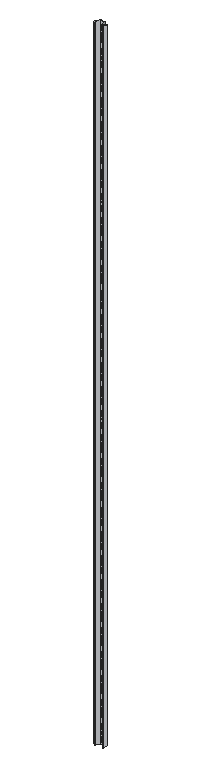
Revit family "TP-Profil-FS", category Generic Models, Revit 2017
Family settings
  Can host rebar = No
  Round Connector Dimension = Use Diameter
  Part Type = Normal
  Work Plane-Based = No
  Always vertical = Yes
  Cut with Voids When Loaded = No
  Shared = No
  Room Calculation Point = No
Parameters (values of type "TPSG 3000 FT")
  URL = "http://www.obo-bettermann.com"
  Material = Hot-dip galvanised
  Manufacturer Art.No. = "6366093"
  Manufacturer = "OBO BETTERMANN"
  Length = 2900 mm
  GTIN = "4012195424925"
  Cut's space 2 = 50 mm
  Cut's space = 100 mm
  Cut's number 3 = Length / Cut's space 2  # 58
  Cut's number 2 = 2
  Cut's number = Length / Cut's space  # 29
  Article Type = "TPSG 3000 FT"
Reference planes
  plane 1 "Center (Front/Back)": y = 0
  plane 2: z = 0
  plane 3 "Center (Left/Right)": x = 0
  plane 4: x = -10.042
  plane 5: x = 9.958
  plane 6: x = 23.489
  plane 7: y = 10
  plane 8: x = -26.833
  plane 9: z = 3000
  plane 10: z = 47
  plane 11: z = 5
  plane 12: x = 20
  plane 13: x = -20
  plane 14: x = 25
  plane 15: x = -25
  plane 16: z = 31
  plane 17: z = 61.952
  plane 18: x = -4.5
  plane 19: x = 4.5
  plane 20: z = 111.952
  plane 21: x = -4.5
  plane 22: x = 4.5
  plane 23: z = 161.952
  plane 24: x = -4.5
  plane 25: x = 4.5
  plane 26: z = 211.952
  plane 27: x = -4.5
  plane 28: x = 4.5
  plane 29: z = 261.952
  plane 30: x = -4.5
  plane 31: x = 4.5
  plane 32: z = 311.952
  plane 33: x = -4.5
  plane 34: x = 4.5
  plane 35: z = 361.952
  plane 36: x = -4.5
  plane 37: x = 4.5
  plane 38: z = 411.952
  plane 39: x = -4.5
  plane 40: x = 4.5
  plane 41: z = 461.952
  plane 42: x = -4.5
  plane 43: x = 4.5
  plane 44: z = 511.952
  plane 45: x = -4.5
  plane 46: x = 4.5
  plane 47: z = 561.952
  plane 48: x = -4.5
  plane 49: x = 4.5
  plane 50: z = 611.952
  plane 51: x = -4.5
  plane 52: x = 4.5
  plane 53: z = 661.952
  plane 54: x = -4.5
  plane 55: x = 4.5
  plane 56: z = 711.952
  plane 57: x = -4.5
  plane 58: x = 4.5
  plane 59: z = 761.952
  plane 60: x = -4.5
  plane 61: x = 4.5
  plane 62: z = 811.952
  plane 63: x = -4.5
  plane 64: x = 4.5
  plane 65: z = 861.952
  plane 66: x = -4.5
  plane 67: x = 4.5
  plane 68: z = 911.952
  plane 69: x = -4.5
  plane 70: x = 4.5
  plane 71: z = 961.952
  plane 72: x = -4.5
  plane 73: x = 4.5
  plane 74: z = 1011.952
  plane 75: x = -4.5
  plane 76: x = 4.5
  plane 77: z = 1061.952
  plane 78: x = -4.5
  plane 79: x = 4.5
  plane 80: z = 1111.952
  plane 81: x = -4.5
  plane 82: x = 4.5
  plane 83: z = 1161.952
  plane 84: x = -4.5
  plane 85: x = 4.5
  plane 86: z = 1211.952
  plane 87: x = -4.5
  plane 88: x = 4.5
  plane 89: z = 1261.952
  plane 90: x = -4.5
  plane 91: x = 4.5
  plane 92: z = 1311.952
  plane 93: x = -4.5
  plane 94: x = 4.5
  plane 95: z = 1361.952
  plane 96: x = -4.5
  plane 97: x = 4.5
  plane 98: z = 1411.952
  plane 99: x = -4.5
  plane 100: x = 4.5
  plane 101: z = 1461.952
  plane 102: x = -4.5
  plane 103: x = 4.5
  plane 104: z = 1511.952
  plane 105: x = -4.5
  plane 106: x = 4.5
  plane 107: z = 1561.952
  plane 108: x = -4.5
  plane 109: x = 4.5
  plane 110: z = 1611.952
  plane 111: x = -4.5
  plane 112: x = 4.5
  plane 113: z = 1661.952
  plane 114: x = -4.5
  plane 115: x = 4.5
  plane 116: z = 1711.952
  plane 117: x = -4.5
  plane 118: x = 4.5
  plane 119: z = 1761.952
  plane 120: x = -4.5
  plane 121: x = 4.5
  plane 122: z = 1811.952
  plane 123: x = -4.5
  plane 124: x = 4.5
  plane 125: z = 1861.952
  plane 126: x = -4.5
  plane 127: x = 4.5
  plane 128: z = 1911.952
  plane 129: x = -4.5
  plane 130: x = 4.5
  plane 131: z = 1961.952
  plane 132: x = -4.5
  plane 133: x = 4.5
  plane 134: z = 2011.952
  plane 135: x = -4.5
  plane 136: x = 4.5
  plane 137: z = 2061.952
  plane 138: x = -4.5
  plane 139: x = 4.5
  plane 140: z = 2111.952
  plane 141: x = -4.5
  plane 142: x = 4.5
  plane 143: z = 2161.952
  plane 144: x = -4.5
  plane 145: x = 4.5
  plane 146: z = 2211.952
  plane 147: x = -4.5
  plane 148: x = 4.5
  plane 149: z = 2261.952
  plane 150: x = -4.5
  plane 151: x = 4.5
  plane 152: z = 2311.952
  plane 153: x = -4.5
  plane 154: x = 4.5
  plane 155: z = 2361.952
  plane 156: x = -4.5
  plane 157: x = 4.5
  plane 158: z = 2411.952
  plane 159: x = -4.5
  plane 160: x = 4.5
  plane 161: z = 2461.952
  plane 162: x = -4.5
  plane 163: x = 4.5
  plane 164: z = 2511.952
  plane 165: x = -4.5
  plane 166: x = 4.5
  plane 167: z = 2561.952
  plane 168: x = -4.5
  plane 169: x = 4.5
  plane 170: z = 2611.952
  plane 171: x = -4.5
  plane 172: x = 4.5
  plane 173: z = 2661.952
  plane 174: x = -4.5
  plane 175: x = 4.5
  plane 176: z = 2711.952
  plane 177: x = -4.5
  plane 178: x = 4.5
  plane 179: z = 2761.952
  plane 180: x = -4.5
  plane 181: x = 4.5
  plane 182: z = 2811.952
  plane 183: x = -4.5
  plane 184: x = 4.5
  plane 185: z = 2861.952
  plane 186: x = -4.5
  plane 187: x = 4.5
  plane 188: z = 2911.952
  plane 189: x = -4.5
  plane 190: x = 4.5
  plane 191: z = 2961.952
  plane 192: x = -4.5
  plane 193: x = 4.5
  plane 194: z = 11.952
  plane 195: x = -4.5
  plane 196: x = 4.5
  plane 197: x = 0.033
  plane 198: x = -19.967
  plane 199: x = 20.033
  plane 200: z = 2995
  plane 201: z = 2995
  plane 202: x = 25.033
  plane 203: x = -24.967
  plane 204: x = 25.033
  plane 205: x = -24.967
Forms (mm)
  Extrusion 1, solid
    sketch origin (0, 0, 0) x (1, 0, 0) y (0, 1, 0)
      loop
        line (-16.508, 0) -> (-9.967, 17.97) -> (9.917, 17.97) -> (16.558, -0.276) -> (23.441, -0.276) -> (27.181, 10) -> (25.302, 10.684) -> (22.041, 1.724) -> (17.958, 1.724) -> (11.317, 19.97) -> (-11.368, 19.97) -> (-17.908, 2) -> (-21.793, 2) -> (-24.954, 10.684) -> (-26.833, 10) -> (-23.194, 0) -> (-16.508, 0)
    from 0 to 3000
  Extrusion 2, void
    sketch origin (0, 0, 100) x (1, 0, 0) y (0, 0, 1)
      loop
        circle (0, 47) r 4.506
    from -17.97 to -19.97
  Extrusion 3, void
    sketch origin (0, 0, 0) x (1, 0, 0) y (0, 0, 1)
      loop
        circle (0, 47) r 4.506
    from -17.97 to -19.97
  Extrusion 4, void
    sketch origin (0, 0, 200) x (1, 0, 0) y (0, 0, 1)
      loop
        circle (0, 47) r 4.506
    from -17.97 to -19.97
  Extrusion 5, void
    sketch origin (0, 0, 300) x (1, 0, 0) y (0, 0, 1)
      loop
        circle (0, 47) r 4.506
    from -17.97 to -19.97
  Extrusion 6, void
    sketch origin (0, 0, 400) x (1, 0, 0) y (0, 0, 1)
      loop
        circle (0, 47) r 4.506
    from -17.97 to -19.97
  Extrusion 7, void
    sketch origin (0, 0, 500) x (1, 0, 0) y (0, 0, 1)
      loop
        circle (0, 47) r 4.506
    from -17.97 to -19.97
  Extrusion 8, void
    sketch origin (0, 0, 601.525) x (1, 0, 0) y (0, 0, 1)
      loop
        circle (0, 47) r 4.506
    from -17.97 to -19.97
  Extrusion 9, void
    sketch origin (0, 0, 701.525) x (1, 0, 0) y (0, 0, 1)
      loop
        circle (0, 47) r 4.506
    from -17.97 to -19.97
  Extrusion 10, void
    sketch origin (0, 0, 801.525) x (1, 0, 0) y (0, 0, 1)
      loop
        circle (0, 47) r 4.506
    from -17.97 to -19.97
  Extrusion 11, void
    sketch origin (0, 0, 901.525) x (1, 0, 0) y (0, 0, 1)
      loop
        circle (0, 47) r 4.506
    from -17.97 to -19.97
  Extrusion 12, void
    sketch origin (0, 0, 1001.525) x (1, 0, 0) y (0, 0, 1)
      loop
        circle (0, 47) r 4.506
    from -17.97 to -19.97
  Extrusion 13, void
    sketch origin (0, 0, 1101.525) x (1, 0, 0) y (0, 0, 1)
      loop
        circle (0, 47) r 4.506
    from -17.97 to -19.97
  Extrusion 14, void
    sketch origin (0, 0, 1201.525) x (1, 0, 0) y (0, 0, 1)
      loop
        circle (0, 47) r 4.506
    from -17.97 to -19.97
  Extrusion 15, void
    sketch origin (0, 0, 1301.525) x (1, 0, 0) y (0, 0, 1)
      loop
        circle (0, 47) r 4.506
    from -17.97 to -19.97
  Extrusion 16, void
    sketch origin (0, 0, 1401.525) x (1, 0, 0) y (0, 0, 1)
      loop
        circle (0, 47) r 4.506
    from -17.97 to -19.97
  Extrusion 17, void
    sketch origin (0, 0, 1501.525) x (1, 0, 0) y (0, 0, 1)
      loop
        circle (0, 47) r 4.506
    from -17.97 to -19.97
  Extrusion 18, void
    sketch origin (0, 0, 1601.525) x (1, 0, 0) y (0, 0, 1)
      loop
        circle (0, 47) r 4.506
    from -17.97 to -19.97
  Extrusion 19, void
    sketch origin (0, 0, 1701.525) x (1, 0, 0) y (0, 0, 1)
      loop
        circle (0, 47) r 4.506
    from -17.97 to -19.97
  Extrusion 20, void
    sketch origin (0, 0, 1801.525) x (1, 0, 0) y (0, 0, 1)
      loop
        circle (0, 47) r 4.506
    from -17.97 to -19.97
  Extrusion 21, void
    sketch origin (0, 0, 1901.525) x (1, 0, 0) y (0, 0, 1)
      loop
        circle (0, 47) r 4.506
    from -17.97 to -19.97
  Extrusion 22, void
    sketch origin (0, 0, 2001.525) x (1, 0, 0) y (0, 0, 1)
      loop
        circle (0, 47) r 4.506
    from -17.97 to -19.97
  Extrusion 23, void
    sketch origin (0, 0, 2101.525) x (1, 0, 0) y (0, 0, 1)
      loop
        circle (0, 47) r 4.506
    from -17.97 to -19.97
  Extrusion 24, void
    sketch origin (0, 0, 2201.525) x (1, 0, 0) y (0, 0, 1)
      loop
        circle (0, 47) r 4.506
    from -17.97 to -19.97
  Extrusion 25, void
    sketch origin (0, 0, 2301.525) x (1, 0, 0) y (0, 0, 1)
      loop
        circle (0, 47) r 4.506
    from -17.97 to -19.97
  Extrusion 26, void
    sketch origin (0, 0, 2401.525) x (1, 0, 0) y (0, 0, 1)
      loop
        circle (0, 47) r 4.506
    from -17.97 to -19.97
  Extrusion 27, void
    sketch origin (0, 0, 2501.525) x (1, 0, 0) y (0, 0, 1)
      loop
        circle (0, 47) r 4.506
    from -17.97 to -19.97
  Extrusion 28, void
    sketch origin (0, 0, 2601.525) x (1, 0, 0) y (0, 0, 1)
      loop
        circle (0, 47) r 4.506
    from -17.97 to -19.97
  Extrusion 29, void
    sketch origin (0, 0, 2701.525) x (1, 0, 0) y (0, 0, 1)
      loop
        circle (0, 47) r 4.506
    from -17.97 to -19.97
  Extrusion 30, void
    sketch origin (0, 0, 2801.525) x (1, 0, 0) y (0, 0, 1)
      loop
        circle (0, 47) r 4.506
    from -17.97 to -19.97
  Extrusion 31, void
    sketch origin (0, 0, 2901.525) x (1, 0, 0) y (0, 0, 1)
      loop
        circle (0, 47) r 4.506
    from -17.97 to -19.97
  Extrusion 32, void
    sketch origin (0, 0, 50) x (1, 0, 0) y (0, 0, 1)
      loop
        line (-4.5, 31) -> (-3.112, 15.134)
        arc (-3.112, 15.134) -> (0, 12.022) -> (3.112, 15.134) r 3.112
        line (3.112, 15.134) -> (4.5, 31) -> (-4.5, 31)
    from -19.97 to -17.97
  Extrusion 33, void
    sketch origin (0, 0, 100) x (1, 0, 0) y (0, 0, 1)
      loop
        line (-4.5, 31) -> (-3.112, 15.134)
        arc (-3.112, 15.134) -> (0, 12.022) -> (3.112, 15.134) r 3.112
        line (3.112, 15.134) -> (4.5, 31) -> (-4.5, 31)
    from -19.97 to -17.97
  Extrusion 34, void
    sketch origin (0, 0, 150) x (1, 0, 0) y (0, 0, 1)
      loop
        line (-4.5, 31) -> (-3.112, 15.134)
        arc (-3.112, 15.134) -> (0, 12.022) -> (3.112, 15.134) r 3.112
        line (3.112, 15.134) -> (4.5, 31) -> (-4.5, 31)
    from -19.97 to -17.97
  Extrusion 35, void
    sketch origin (0, 0, 200) x (1, 0, 0) y (0, 0, 1)
      loop
        line (-4.5, 31) -> (-3.112, 15.134)
        arc (-3.112, 15.134) -> (0, 12.022) -> (3.112, 15.134) r 3.112
        line (3.112, 15.134) -> (4.5, 31) -> (-4.5, 31)
    from -19.97 to -17.97
  Extrusion 36, void
    sketch origin (0, 0, 250) x (1, 0, 0) y (0, 0, 1)
      loop
        line (-4.5, 31) -> (-3.112, 15.134)
        arc (-3.112, 15.134) -> (0, 12.022) -> (3.112, 15.134) r 3.112
        line (3.112, 15.134) -> (4.5, 31) -> (-4.5, 31)
    from -19.97 to -17.97
  Extrusion 37, void
    sketch origin (0, 0, 300) x (1, 0, 0) y (0, 0, 1)
      loop
        line (-4.5, 31) -> (-3.112, 15.134)
        arc (-3.112, 15.134) -> (0, 12.022) -> (3.112, 15.134) r 3.112
        line (3.112, 15.134) -> (4.5, 31) -> (-4.5, 31)
    from -19.97 to -17.97
  Extrusion 38, void
    sketch origin (0, 0, 350) x (1, 0, 0) y (0, 0, 1)
      loop
        line (-4.5, 31) -> (-3.112, 15.134)
        arc (-3.112, 15.134) -> (0, 12.022) -> (3.112, 15.134) r 3.112
        line (3.112, 15.134) -> (4.5, 31) -> (-4.5, 31)
    from -19.97 to -17.97
  Extrusion 39, void
    sketch origin (0, 0, 400) x (1, 0, 0) y (0, 0, 1)
      loop
        line (-4.5, 31) -> (-3.112, 15.134)
        arc (-3.112, 15.134) -> (0, 12.022) -> (3.112, 15.134) r 3.112
        line (3.112, 15.134) -> (4.5, 31) -> (-4.5, 31)
    from -19.97 to -17.97
  Extrusion 40, void
    sketch origin (0, 0, 450) x (1, 0, 0) y (0, 0, 1)
      loop
        line (-4.5, 31) -> (-3.112, 15.134)
        arc (-3.112, 15.134) -> (0, 12.022) -> (3.112, 15.134) r 3.112
        line (3.112, 15.134) -> (4.5, 31) -> (-4.5, 31)
    from -19.97 to -17.97
  Extrusion 41, void
    sketch origin (0, 0, 500) x (1, 0, 0) y (0, 0, 1)
      loop
        line (-4.5, 31) -> (-3.112, 15.134)
        arc (-3.112, 15.134) -> (0, 12.022) -> (3.112, 15.134) r 3.112
        line (3.112, 15.134) -> (4.5, 31) -> (-4.5, 31)
    from -19.97 to -17.97
  Extrusion 42, void
    sketch origin (0, 0, 550) x (1, 0, 0) y (0, 0, 1)
      loop
        line (-4.5, 31) -> (-3.112, 15.134)
        arc (-3.112, 15.134) -> (0, 12.022) -> (3.112, 15.134) r 3.112
        line (3.112, 15.134) -> (4.5, 31) -> (-4.5, 31)
    from -19.97 to -17.97
  Extrusion 43, void
    sketch origin (0, 0, 600) x (1, 0, 0) y (0, 0, 1)
      loop
        line (-4.5, 31) -> (-3.112, 15.134)
        arc (-3.112, 15.134) -> (0, 12.022) -> (3.112, 15.134) r 3.112
        line (3.112, 15.134) -> (4.5, 31) -> (-4.5, 31)
    from -19.97 to -17.97
  Extrusion 44, void
    sketch origin (0, 0, 650) x (1, 0, 0) y (0, 0, 1)
      loop
        line (-4.5, 31) -> (-3.112, 15.134)
        arc (-3.112, 15.134) -> (0, 12.022) -> (3.112, 15.134) r 3.112
        line (3.112, 15.134) -> (4.5, 31) -> (-4.5, 31)
    from -19.97 to -17.97
  Extrusion 45, void
    sketch origin (0, 0, 700) x (1, 0, 0) y (0, 0, 1)
      loop
        line (-4.5, 31) -> (-3.112, 15.134)
        arc (-3.112, 15.134) -> (0, 12.022) -> (3.112, 15.134) r 3.112
        line (3.112, 15.134) -> (4.5, 31) -> (-4.5, 31)
    from -19.97 to -17.97
  Extrusion 46, void
    sketch origin (0, 0, 750) x (1, 0, 0) y (0, 0, 1)
      loop
        line (-4.5, 31) -> (-3.112, 15.134)
        arc (-3.112, 15.134) -> (0, 12.022) -> (3.112, 15.134) r 3.112
        line (3.112, 15.134) -> (4.5, 31) -> (-4.5, 31)
    from -19.97 to -17.97
  Extrusion 47, void
    sketch origin (0, 0, 800) x (1, 0, 0) y (0, 0, 1)
      loop
        line (-4.5, 31) -> (-3.112, 15.134)
        arc (-3.112, 15.134) -> (0, 12.022) -> (3.112, 15.134) r 3.112
        line (3.112, 15.134) -> (4.5, 31) -> (-4.5, 31)
    from -19.97 to -17.97
  Extrusion 48, void
    sketch origin (0, 0, 850) x (1, 0, 0) y (0, 0, 1)
      loop
        line (-4.5, 31) -> (-3.112, 15.134)
        arc (-3.112, 15.134) -> (0, 12.022) -> (3.112, 15.134) r 3.112
        line (3.112, 15.134) -> (4.5, 31) -> (-4.5, 31)
    from -19.97 to -17.97
  Extrusion 49, void
    sketch origin (0, 0, 900) x (1, 0, 0) y (0, 0, 1)
      loop
        line (-4.5, 31) -> (-3.112, 15.134)
        arc (-3.112, 15.134) -> (0, 12.022) -> (3.112, 15.134) r 3.112
        line (3.112, 15.134) -> (4.5, 31) -> (-4.5, 31)
    from -19.97 to -17.97
  Extrusion 50, void
    sketch origin (0, 0, 950) x (1, 0, 0) y (0, 0, 1)
      loop
        line (-4.5, 31) -> (-3.112, 15.134)
        arc (-3.112, 15.134) -> (0, 12.022) -> (3.112, 15.134) r 3.112
        line (3.112, 15.134) -> (4.5, 31) -> (-4.5, 31)
    from -19.97 to -17.97
  Extrusion 51, void
    sketch origin (0, 0, 1000) x (1, 0, 0) y (0, 0, 1)
      loop
        line (-4.5, 31) -> (-3.112, 15.134)
        arc (-3.112, 15.134) -> (0, 12.022) -> (3.112, 15.134) r 3.112
        line (3.112, 15.134) -> (4.5, 31) -> (-4.5, 31)
    from -19.97 to -17.97
  Extrusion 52, void
    sketch origin (0, 0, 1050) x (1, 0, 0) y (0, 0, 1)
      loop
        line (-4.5, 31) -> (-3.112, 15.134)
        arc (-3.112, 15.134) -> (0, 12.022) -> (3.112, 15.134) r 3.112
        line (3.112, 15.134) -> (4.5, 31) -> (-4.5, 31)
    from -19.97 to -17.97
  Extrusion 53, void
    sketch origin (0, 0, 1100) x (1, 0, 0) y (0, 0, 1)
      loop
        line (-4.5, 31) -> (-3.112, 15.134)
        arc (-3.112, 15.134) -> (0, 12.022) -> (3.112, 15.134) r 3.112
        line (3.112, 15.134) -> (4.5, 31) -> (-4.5, 31)
    from -19.97 to -17.97
  Extrusion 54, void
    sketch origin (0, 0, 1150) x (1, 0, 0) y (0, 0, 1)
      loop
        line (-4.5, 31) -> (-3.112, 15.134)
        arc (-3.112, 15.134) -> (0, 12.022) -> (3.112, 15.134) r 3.112
        line (3.112, 15.134) -> (4.5, 31) -> (-4.5, 31)
    from -19.97 to -17.97
  Extrusion 55, void
    sketch origin (0, 0, 1200) x (1, 0, 0) y (0, 0, 1)
      loop
        line (-4.5, 31) -> (-3.112, 15.134)
        arc (-3.112, 15.134) -> (0, 12.022) -> (3.112, 15.134) r 3.112
        line (3.112, 15.134) -> (4.5, 31) -> (-4.5, 31)
    from -19.97 to -17.97
  Extrusion 56, void
    sketch origin (0, 0, 1250) x (1, 0, 0) y (0, 0, 1)
      loop
        line (-4.5, 31) -> (-3.112, 15.134)
        arc (-3.112, 15.134) -> (0, 12.022) -> (3.112, 15.134) r 3.112
        line (3.112, 15.134) -> (4.5, 31) -> (-4.5, 31)
    from -19.97 to -17.97
  Extrusion 57, void
    sketch origin (0, 0, 1300) x (1, 0, 0) y (0, 0, 1)
      loop
        line (-4.5, 31) -> (-3.112, 15.134)
        arc (-3.112, 15.134) -> (0, 12.022) -> (3.112, 15.134) r 3.112
        line (3.112, 15.134) -> (4.5, 31) -> (-4.5, 31)
    from -19.97 to -17.97
  Extrusion 58, void
    sketch origin (0, 0, 1350) x (1, 0, 0) y (0, 0, 1)
      loop
        line (-4.5, 31) -> (-3.112, 15.134)
        arc (-3.112, 15.134) -> (0, 12.022) -> (3.112, 15.134) r 3.112
        line (3.112, 15.134) -> (4.5, 31) -> (-4.5, 31)
    from -19.97 to -17.97
  Extrusion 59, void
    sketch origin (0, 0, 1400) x (1, 0, 0) y (0, 0, 1)
      loop
        line (-4.5, 31) -> (-3.112, 15.134)
        arc (-3.112, 15.134) -> (0, 12.022) -> (3.112, 15.134) r 3.112
        line (3.112, 15.134) -> (4.5, 31) -> (-4.5, 31)
    from -19.97 to -17.97
  Extrusion 60, void
    sketch origin (0, 0, 1450) x (1, 0, 0) y (0, 0, 1)
      loop
        line (-4.5, 31) -> (-3.112, 15.134)
        arc (-3.112, 15.134) -> (0, 12.022) -> (3.112, 15.134) r 3.112
        line (3.112, 15.134) -> (4.5, 31) -> (-4.5, 31)
    from -19.97 to -17.97
  Extrusion 61, void
    sketch origin (0, 0, 1500) x (1, 0, 0) y (0, 0, 1)
      loop
        line (-4.5, 31) -> (-3.112, 15.134)
        arc (-3.112, 15.134) -> (0, 12.022) -> (3.112, 15.134) r 3.112
        line (3.112, 15.134) -> (4.5, 31) -> (-4.5, 31)
    from -19.97 to -17.97
  Extrusion 62, void
    sketch origin (0, 0, 1550) x (1, 0, 0) y (0, 0, 1)
      loop
        line (-4.5, 31) -> (-3.112, 15.134)
        arc (-3.112, 15.134) -> (0, 12.022) -> (3.112, 15.134) r 3.112
        line (3.112, 15.134) -> (4.5, 31) -> (-4.5, 31)
    from -19.97 to -17.97
  Extrusion 63, void
    sketch origin (0, 0, 1600) x (1, 0, 0) y (0, 0, 1)
      loop
        line (-4.5, 31) -> (-3.112, 15.134)
        arc (-3.112, 15.134) -> (0, 12.022) -> (3.112, 15.134) r 3.112
        line (3.112, 15.134) -> (4.5, 31) -> (-4.5, 31)
    from -19.97 to -17.97
  Extrusion 64, void
    sketch origin (0, 0, 1650) x (1, 0, 0) y (0, 0, 1)
      loop
        line (-4.5, 31) -> (-3.112, 15.134)
        arc (-3.112, 15.134) -> (0, 12.022) -> (3.112, 15.134) r 3.112
        line (3.112, 15.134) -> (4.5, 31) -> (-4.5, 31)
    from -19.97 to -17.97
  Extrusion 65, void
    sketch origin (0, 0, 1700) x (1, 0, 0) y (0, 0, 1)
      loop
        line (-4.5, 31) -> (-3.112, 15.134)
        arc (-3.112, 15.134) -> (0, 12.022) -> (3.112, 15.134) r 3.112
        line (3.112, 15.134) -> (4.5, 31) -> (-4.5, 31)
    from -19.97 to -17.97
  Extrusion 66, void
    sketch origin (0, 0, 1750) x (1, 0, 0) y (0, 0, 1)
      loop
        line (-4.5, 31) -> (-3.112, 15.134)
        arc (-3.112, 15.134) -> (0, 12.022) -> (3.112, 15.134) r 3.112
        line (3.112, 15.134) -> (4.5, 31) -> (-4.5, 31)
    from -19.97 to -17.97
  Extrusion 67, void
    sketch origin (0, 0, 1800) x (1, 0, 0) y (0, 0, 1)
      loop
        line (-4.5, 31) -> (-3.112, 15.134)
        arc (-3.112, 15.134) -> (0, 12.022) -> (3.112, 15.134) r 3.112
        line (3.112, 15.134) -> (4.5, 31) -> (-4.5, 31)
    from -19.97 to -17.97
  Extrusion 68, void
    sketch origin (0, 0, 1850) x (1, 0, 0) y (0, 0, 1)
      loop
        line (-4.5, 31) -> (-3.112, 15.134)
        arc (-3.112, 15.134) -> (0, 12.022) -> (3.112, 15.134) r 3.112
        line (3.112, 15.134) -> (4.5, 31) -> (-4.5, 31)
    from -19.97 to -17.97
  Extrusion 69, void
    sketch origin (0, 0, 1900) x (1, 0, 0) y (0, 0, 1)
      loop
        line (-4.5, 31) -> (-3.112, 15.134)
        arc (-3.112, 15.134) -> (0, 12.022) -> (3.112, 15.134) r 3.112
        line (3.112, 15.134) -> (4.5, 31) -> (-4.5, 31)
    from -19.97 to -17.97
  Extrusion 70, void
    sketch origin (0, 0, 1950) x (1, 0, 0) y (0, 0, 1)
      loop
        line (-4.5, 31) -> (-3.112, 15.134)
        arc (-3.112, 15.134) -> (0, 12.022) -> (3.112, 15.134) r 3.112
        line (3.112, 15.134) -> (4.5, 31) -> (-4.5, 31)
    from -19.97 to -17.97
  Extrusion 71, void
    sketch origin (0, 0, 2000) x (1, 0, 0) y (0, 0, 1)
      loop
        line (-4.5, 31) -> (-3.112, 15.134)
        arc (-3.112, 15.134) -> (0, 12.022) -> (3.112, 15.134) r 3.112
        line (3.112, 15.134) -> (4.5, 31) -> (-4.5, 31)
    from -19.97 to -17.97
  Extrusion 72, void
    sketch origin (0, 0, 2050) x (1, 0, 0) y (0, 0, 1)
      loop
        line (-4.5, 31) -> (-3.112, 15.134)
        arc (-3.112, 15.134) -> (0, 12.022) -> (3.112, 15.134) r 3.112
        line (3.112, 15.134) -> (4.5, 31) -> (-4.5, 31)
    from -19.97 to -17.97
  Extrusion 73, void
    sketch origin (0, 0, 2100) x (1, 0, 0) y (0, 0, 1)
      loop
        line (-4.5, 31) -> (-3.112, 15.134)
        arc (-3.112, 15.134) -> (0, 12.022) -> (3.112, 15.134) r 3.112
        line (3.112, 15.134) -> (4.5, 31) -> (-4.5, 31)
    from -19.97 to -17.97
  Extrusion 74, void
    sketch origin (0, 0, 2150) x (1, 0, 0) y (0, 0, 1)
      loop
        line (-4.5, 31) -> (-3.112, 15.134)
        arc (-3.112, 15.134) -> (0, 12.022) -> (3.112, 15.134) r 3.112
        line (3.112, 15.134) -> (4.5, 31) -> (-4.5, 31)
    from -19.97 to -17.97
  Extrusion 75, void
    sketch origin (0, 0, 2200) x (1, 0, 0) y (0, 0, 1)
      loop
        line (-4.5, 31) -> (-3.112, 15.134)
        arc (-3.112, 15.134) -> (0, 12.022) -> (3.112, 15.134) r 3.112
        line (3.112, 15.134) -> (4.5, 31) -> (-4.5, 31)
    from -19.97 to -17.97
  Extrusion 76, void
    sketch origin (0, 0, 2250) x (1, 0, 0) y (0, 0, 1)
      loop
        line (-4.5, 31) -> (-3.112, 15.134)
        arc (-3.112, 15.134) -> (0, 12.022) -> (3.112, 15.134) r 3.112
        line (3.112, 15.134) -> (4.5, 31) -> (-4.5, 31)
    from -19.97 to -17.97
  Extrusion 77, void
    sketch origin (0, 0, 2300) x (1, 0, 0) y (0, 0, 1)
      loop
        line (-4.5, 31) -> (-3.112, 15.134)
        arc (-3.112, 15.134) -> (0, 12.022) -> (3.112, 15.134) r 3.112
        line (3.112, 15.134) -> (4.5, 31) -> (-4.5, 31)
    from -19.97 to -17.97
  Extrusion 78, void
    sketch origin (0, 0, 2350) x (1, 0, 0) y (0, 0, 1)
      loop
        line (-4.5, 31) -> (-3.112, 15.134)
        arc (-3.112, 15.134) -> (0, 12.022) -> (3.112, 15.134) r 3.112
        line (3.112, 15.134) -> (4.5, 31) -> (-4.5, 31)
    from -19.97 to -17.97
  Extrusion 79, void
    sketch origin (0, 0, 2400) x (1, 0, 0) y (0, 0, 1)
      loop
        line (-4.5, 31) -> (-3.112, 15.134)
        arc (-3.112, 15.134) -> (0, 12.022) -> (3.112, 15.134) r 3.112
        line (3.112, 15.134) -> (4.5, 31) -> (-4.5, 31)
    from -19.97 to -17.97
  Extrusion 80, void
    sketch origin (0, 0, 2450) x (1, 0, 0) y (0, 0, 1)
      loop
        line (-4.5, 31) -> (-3.112, 15.134)
        arc (-3.112, 15.134) -> (0, 12.022) -> (3.112, 15.134) r 3.112
        line (3.112, 15.134) -> (4.5, 31) -> (-4.5, 31)
    from -19.97 to -17.97
  Extrusion 81, void
    sketch origin (0, 0, 2500) x (1, 0, 0) y (0, 0, 1)
      loop
        line (-4.5, 31) -> (-3.112, 15.134)
        arc (-3.112, 15.134) -> (0, 12.022) -> (3.112, 15.134) r 3.112
        line (3.112, 15.134) -> (4.5, 31) -> (-4.5, 31)
    from -19.97 to -17.97
  Extrusion 82, void
    sketch origin (0, 0, 2550) x (1, 0, 0) y (0, 0, 1)
      loop
        line (-4.5, 31) -> (-3.112, 15.134)
        arc (-3.112, 15.134) -> (0, 12.022) -> (3.112, 15.134) r 3.112
        line (3.112, 15.134) -> (4.5, 31) -> (-4.5, 31)
    from -19.97 to -17.97
  Extrusion 83, void
    sketch origin (0, 0, 2600) x (1, 0, 0) y (0, 0, 1)
      loop
        line (-4.5, 31) -> (-3.112, 15.134)
        arc (-3.112, 15.134) -> (0, 12.022) -> (3.112, 15.134) r 3.112
        line (3.112, 15.134) -> (4.5, 31) -> (-4.5, 31)
    from -19.97 to -17.97
  Extrusion 84, void
    sketch origin (0, 0, 2650) x (1, 0, 0) y (0, 0, 1)
      loop
        line (-4.5, 31) -> (-3.112, 15.134)
        arc (-3.112, 15.134) -> (0, 12.022) -> (3.112, 15.134) r 3.112
        line (3.112, 15.134) -> (4.5, 31) -> (-4.5, 31)
    from -19.97 to -17.97
  Extrusion 85, void
    sketch origin (0, 0, 2700) x (1, 0, 0) y (0, 0, 1)
      loop
        line (-4.5, 31) -> (-3.112, 15.134)
        arc (-3.112, 15.134) -> (0, 12.022) -> (3.112, 15.134) r 3.112
        line (3.112, 15.134) -> (4.5, 31) -> (-4.5, 31)
    from -19.97 to -17.97
  Extrusion 86, void
    sketch origin (0, 0, 2750) x (1, 0, 0) y (0, 0, 1)
      loop
        line (-4.5, 31) -> (-3.112, 15.134)
        arc (-3.112, 15.134) -> (0, 12.022) -> (3.112, 15.134) r 3.112
        line (3.112, 15.134) -> (4.5, 31) -> (-4.5, 31)
    from -19.97 to -17.97
  Extrusion 87, void
    sketch origin (0, 0, 2800) x (1, 0, 0) y (0, 0, 1)
      loop
        line (-4.5, 31) -> (-3.112, 15.134)
        arc (-3.112, 15.134) -> (0, 12.022) -> (3.112, 15.134) r 3.112
        line (3.112, 15.134) -> (4.5, 31) -> (-4.5, 31)
    from -19.97 to -17.97
  Extrusion 88, void
    sketch origin (0, 0, 2850) x (1, 0, 0) y (0, 0, 1)
      loop
        line (-4.5, 31) -> (-3.112, 15.134)
        arc (-3.112, 15.134) -> (0, 12.022) -> (3.112, 15.134) r 3.112
        line (3.112, 15.134) -> (4.5, 31) -> (-4.5, 31)
    from -19.97 to -17.97
  Extrusion 89, void
    sketch origin (0, 0, 2900) x (1, 0, 0) y (0, 0, 1)
      loop
        line (-4.5, 31) -> (-3.112, 15.134)
        arc (-3.112, 15.134) -> (0, 12.022) -> (3.112, 15.134) r 3.112
        line (3.112, 15.134) -> (4.5, 31) -> (-4.5, 31)
    from -19.97 to -17.97
  Extrusion 90, void
    sketch origin (0, 0, 2950) x (1, 0, 0) y (0, 0, 1)
      loop
        line (-4.5, 31) -> (-3.112, 15.134)
        arc (-3.112, 15.134) -> (0, 12.022) -> (3.112, 15.134) r 3.112
        line (3.112, 15.134) -> (4.5, 31) -> (-4.5, 31)
    from -19.97 to -17.97
  Extrusion 91, void
    sketch origin (0, 0, 0) x (1, 0, 0) y (0, 0, 1)
      loop
        line (-4.5, 31) -> (-3.112, 15.134)
        arc (-3.112, 15.134) -> (0, 12.022) -> (3.112, 15.134) r 3.112
        line (3.112, 15.134) -> (4.5, 31) -> (-4.5, 31)
    from -19.97 to -17.97
  Extrusion 92, solid
    sketch origin (0, 0, 0) x (0, 1, 0) y (0, 0, 1)
      loop
        line (19.97, 31) -> (24.97, 31) -> (24.97, 16.489) -> (26.967, 16.489) -> (26.967, 32.985) -> (19.97, 32.985) -> (19.97, 31)
    from -4.483 to 4.614
  Extrusion 93, void
    sketch origin (0, 0, 0) x (1, 0, 0) y (0, 0, 1)
      loop
        line (19.999, 0) -> (27.181, 0) -> (27.181, 5) -> (24.999, 5) -> (19.999, 0)
    from -10.684 to 0.276
  Extrusion 94, void
    sketch origin (0, 0, 0) x (1, 0, 0) y (0, 0, 1)
      loop
        line (-19.762, 0) -> (-24.762, 5) -> (-26.833, 5) -> (-26.833, 0) -> (-19.762, 0)
    from -10.684 to 0.276
  Extrusion 95, void
    sketch origin (0, 0, 0) x (1, 0, 0) y (0, 0, 1)
      loop
        line (19.999, 3000) -> (24.999, 2995) -> (27.181, 2995) -> (27.181, 3000) -> (19.999, 3000)
    from -10.684 to 0.276
  Extrusion 96, void
    sketch origin (0, 0, 0) x (1, 0, 0) y (0, 0, 1)
      loop
        line (-19.954, 3000) -> (-26.833, 3000) -> (-26.833, 2995) -> (-24.954, 2995) -> (-19.954, 3000)
    from -10.684 to 0.276
  Extrusion 97, solid
    sketch origin (0, 0, 50) x (0, 1, 0) y (0, 0, 1)
      loop
        line (19.97, 31) -> (24.97, 31) -> (24.97, 16.489) -> (26.967, 16.489) -> (26.967, 32.985) -> (19.97, 32.985) -> (19.97, 31)
    from -4.483 to 4.614
  Extrusion 98, solid
    sketch origin (0, 0, 100) x (0, 1, 0) y (0, 0, 1)
      loop
        line (19.97, 31) -> (24.97, 31) -> (24.97, 16.489) -> (26.967, 16.489) -> (26.967, 32.985) -> (19.97, 32.985) -> (19.97, 31)
    from -4.483 to 4.614
  Extrusion 99, solid
    sketch origin (0, 0, 150) x (0, 1, 0) y (0, 0, 1)
      loop
        line (19.97, 31) -> (24.97, 31) -> (24.97, 16.489) -> (26.967, 16.489) -> (26.967, 32.985) -> (19.97, 32.985) -> (19.97, 31)
    from -4.483 to 4.614
  Extrusion 100, solid
    sketch origin (0, 0, 200) x (0, 1, 0) y (0, 0, 1)
      loop
        line (19.97, 31) -> (24.97, 31) -> (24.97, 16.489) -> (26.967, 16.489) -> (26.967, 32.985) -> (19.97, 32.985) -> (19.97, 31)
    from -4.483 to 4.614
  Extrusion 101, solid
    sketch origin (0, 0, 250) x (0, 1, 0) y (0, 0, 1)
      loop
        line (19.97, 31) -> (24.97, 31) -> (24.97, 16.489) -> (26.967, 16.489) -> (26.967, 32.985) -> (19.97, 32.985) -> (19.97, 31)
    from -4.483 to 4.614
  Extrusion 102, solid
    sketch origin (0, 0, 300) x (0, 1, 0) y (0, 0, 1)
      loop
        line (19.97, 31) -> (24.97, 31) -> (24.97, 16.489) -> (26.967, 16.489) -> (26.967, 32.985) -> (19.97, 32.985) -> (19.97, 31)
    from -4.483 to 4.614
  Extrusion 103, solid
    sketch origin (0, 0, 350) x (0, 1, 0) y (0, 0, 1)
      loop
        line (19.97, 31) -> (24.97, 31) -> (24.97, 16.489) -> (26.967, 16.489) -> (26.967, 32.985) -> (19.97, 32.985) -> (19.97, 31)
    from -4.483 to 4.614
  Extrusion 104, solid
    sketch origin (0, 0, 400) x (0, 1, 0) y (0, 0, 1)
      loop
        line (19.97, 31) -> (24.97, 31) -> (24.97, 16.489) -> (26.967, 16.489) -> (26.967, 32.985) -> (19.97, 32.985) -> (19.97, 31)
    from -4.483 to 4.614
  Extrusion 105, solid
    sketch origin (0, 0, 450) x (0, 1, 0) y (0, 0, 1)
      loop
        line (19.97, 31) -> (24.97, 31) -> (24.97, 16.489) -> (26.967, 16.489) -> (26.967, 32.985) -> (19.97, 32.985) -> (19.97, 31)
    from -4.483 to 4.614
  Extrusion 106, solid
    sketch origin (0, 0, 500) x (0, 1, 0) y (0, 0, 1)
      loop
        line (19.97, 31) -> (24.97, 31) -> (24.97, 16.489) -> (26.967, 16.489) -> (26.967, 32.985) -> (19.97, 32.985) -> (19.97, 31)
    from -4.483 to 4.614
  Extrusion 107, solid
    sketch origin (0, 0, 550) x (0, 1, 0) y (0, 0, 1)
      loop
        line (19.97, 31) -> (24.97, 31) -> (24.97, 16.489) -> (26.967, 16.489) -> (26.967, 32.985) -> (19.97, 32.985) -> (19.97, 31)
    from -4.483 to 4.614
  Extrusion 108, solid
    sketch origin (0, 0, 600) x (0, 1, 0) y (0, 0, 1)
      loop
        line (19.97, 31) -> (24.97, 31) -> (24.97, 16.489) -> (26.967, 16.489) -> (26.967, 32.985) -> (19.97, 32.985) -> (19.97, 31)
    from -4.483 to 4.614
  Extrusion 109, solid
    sketch origin (0, 0, 650) x (0, 1, 0) y (0, 0, 1)
      loop
        line (19.97, 31) -> (24.97, 31) -> (24.97, 16.489) -> (26.967, 16.489) -> (26.967, 32.985) -> (19.97, 32.985) -> (19.97, 31)
    from -4.483 to 4.614
  Extrusion 110, solid
    sketch origin (0, 0, 700) x (0, 1, 0) y (0, 0, 1)
      loop
        line (19.97, 31) -> (24.97, 31) -> (24.97, 16.489) -> (26.967, 16.489) -> (26.967, 32.985) -> (19.97, 32.985) -> (19.97, 31)
    from -4.483 to 4.614
  Extrusion 111, solid
    sketch origin (0, 0, 756.971) x (0, 1, 0) y (0, 0, 1)
      loop
        line (19.97, 31) -> (24.97, 31) -> (24.97, 16.489) -> (26.967, 16.489) -> (26.967, 32.985) -> (19.97, 32.985) -> (19.97, 31)
    from -4.483 to 4.614
  Extrusion 112, solid
    sketch origin (0, 0, 806.971) x (0, 1, 0) y (0, 0, 1)
      loop
        line (19.97, 31) -> (24.97, 31) -> (24.97, 16.489) -> (26.967, 16.489) -> (26.967, 32.985) -> (19.97, 32.985) -> (19.97, 31)
    from -4.483 to 4.614
  Extrusion 113, solid
    sketch origin (0, 0, 856.971) x (0, 1, 0) y (0, 0, 1)
      loop
        line (19.97, 31) -> (24.97, 31) -> (24.97, 16.489) -> (26.967, 16.489) -> (26.967, 32.985) -> (19.97, 32.985) -> (19.97, 31)
    from -4.483 to 4.614
  Extrusion 114, solid
    sketch origin (0, 0, 906.971) x (0, 1, 0) y (0, 0, 1)
      loop
        line (19.97, 31) -> (24.97, 31) -> (24.97, 16.489) -> (26.967, 16.489) -> (26.967, 32.985) -> (19.97, 32.985) -> (19.97, 31)
    from -4.483 to 4.614
  Extrusion 115, solid
    sketch origin (0, 0, 956.971) x (0, 1, 0) y (0, 0, 1)
      loop
        line (19.97, 31) -> (24.97, 31) -> (24.97, 16.489) -> (26.967, 16.489) -> (26.967, 32.985) -> (19.97, 32.985) -> (19.97, 31)
    from -4.483 to 4.614
  Extrusion 116, solid
    sketch origin (0, 0, 1006.971) x (0, 1, 0) y (0, 0, 1)
      loop
        line (19.97, 31) -> (24.97, 31) -> (24.97, 16.489) -> (26.967, 16.489) -> (26.967, 32.985) -> (19.97, 32.985) -> (19.97, 31)
    from -4.483 to 4.614
  Extrusion 117, solid
    sketch origin (0, 0, 1056.971) x (0, 1, 0) y (0, 0, 1)
      loop
        line (19.97, 31) -> (24.97, 31) -> (24.97, 16.489) -> (26.967, 16.489) -> (26.967, 32.985) -> (19.97, 32.985) -> (19.97, 31)
    from -4.483 to 4.614
  Extrusion 118, solid
    sketch origin (0, 0, 1106.971) x (0, 1, 0) y (0, 0, 1)
      loop
        line (19.97, 31) -> (24.97, 31) -> (24.97, 16.489) -> (26.967, 16.489) -> (26.967, 32.985) -> (19.97, 32.985) -> (19.97, 31)
    from -4.483 to 4.614
  Extrusion 119, solid
    sketch origin (0, 0, 1156.971) x (0, 1, 0) y (0, 0, 1)
      loop
        line (19.97, 31) -> (24.97, 31) -> (24.97, 16.489) -> (26.967, 16.489) -> (26.967, 32.985) -> (19.97, 32.985) -> (19.97, 31)
    from -4.483 to 4.614
  Extrusion 120, solid
    sketch origin (0, 0, 1206.971) x (0, 1, 0) y (0, 0, 1)
      loop
        line (19.97, 31) -> (24.97, 31) -> (24.97, 16.489) -> (26.967, 16.489) -> (26.967, 32.985) -> (19.97, 32.985) -> (19.97, 31)
    from -4.483 to 4.614
  Extrusion 121, solid
    sketch origin (0, 0, 1256.971) x (0, 1, 0) y (0, 0, 1)
      loop
        line (19.97, 31) -> (24.97, 31) -> (24.97, 16.489) -> (26.967, 16.489) -> (26.967, 32.985) -> (19.97, 32.985) -> (19.97, 31)
    from -4.483 to 4.614
  Extrusion 122, solid
    sketch origin (0, 0, 1306.971) x (0, 1, 0) y (0, 0, 1)
      loop
        line (19.97, 31) -> (24.97, 31) -> (24.97, 16.489) -> (26.967, 16.489) -> (26.967, 32.985) -> (19.97, 32.985) -> (19.97, 31)
    from -4.483 to 4.614
  Extrusion 123, solid
    sketch origin (0, 0, 1356.971) x (0, 1, 0) y (0, 0, 1)
      loop
        line (19.97, 31) -> (24.97, 31) -> (24.97, 16.489) -> (26.967, 16.489) -> (26.967, 32.985) -> (19.97, 32.985) -> (19.97, 31)
    from -4.483 to 4.614
  Extrusion 124, solid
    sketch origin (0, 0, 1406.971) x (0, 1, 0) y (0, 0, 1)
      loop
        line (19.97, 31) -> (24.97, 31) -> (24.97, 16.489) -> (26.967, 16.489) -> (26.967, 32.985) -> (19.97, 32.985) -> (19.97, 31)
    from -4.483 to 4.614
  Extrusion 125, solid
    sketch origin (0, 0, 1456.971) x (0, 1, 0) y (0, 0, 1)
      loop
        line (19.97, 31) -> (24.97, 31) -> (24.97, 16.489) -> (26.967, 16.489) -> (26.967, 32.985) -> (19.97, 32.985) -> (19.97, 31)
    from -4.483 to 4.614
  Extrusion 126, solid
    sketch origin (0, 0, 1506.971) x (0, 1, 0) y (0, 0, 1)
      loop
        line (19.97, 31) -> (24.97, 31) -> (24.97, 16.489) -> (26.967, 16.489) -> (26.967, 32.985) -> (19.97, 32.985) -> (19.97, 31)
    from -4.483 to 4.614
  Extrusion 127, solid
    sketch origin (0, 0, 1556.971) x (0, 1, 0) y (0, 0, 1)
      loop
        line (19.97, 31) -> (24.97, 31) -> (24.97, 16.489) -> (26.967, 16.489) -> (26.967, 32.985) -> (19.97, 32.985) -> (19.97, 31)
    from -4.483 to 4.614
  Extrusion 128, solid
    sketch origin (0, 0, 1606.971) x (0, 1, 0) y (0, 0, 1)
      loop
        line (19.97, 31) -> (24.97, 31) -> (24.97, 16.489) -> (26.967, 16.489) -> (26.967, 32.985) -> (19.97, 32.985) -> (19.97, 31)
    from -4.483 to 4.614
  Extrusion 129, solid
    sketch origin (0, 0, 1656.971) x (0, 1, 0) y (0, 0, 1)
      loop
        line (19.97, 31) -> (24.97, 31) -> (24.97, 16.489) -> (26.967, 16.489) -> (26.967, 32.985) -> (19.97, 32.985) -> (19.97, 31)
    from -4.483 to 4.614
  Extrusion 130, solid
    sketch origin (0, 0, 1706.971) x (0, 1, 0) y (0, 0, 1)
      loop
        line (19.97, 31) -> (24.97, 31) -> (24.97, 16.489) -> (26.967, 16.489) -> (26.967, 32.985) -> (19.97, 32.985) -> (19.97, 31)
    from -4.483 to 4.614
  Extrusion 131, solid
    sketch origin (0, 0, 1756.971) x (0, 1, 0) y (0, 0, 1)
      loop
        line (19.97, 31) -> (24.97, 31) -> (24.97, 16.489) -> (26.967, 16.489) -> (26.967, 32.985) -> (19.97, 32.985) -> (19.97, 31)
    from -4.483 to 4.614
  Extrusion 132, solid
    sketch origin (0, 0, 1806.971) x (0, 1, 0) y (0, 0, 1)
      loop
        line (19.97, 31) -> (24.97, 31) -> (24.97, 16.489) -> (26.967, 16.489) -> (26.967, 32.985) -> (19.97, 32.985) -> (19.97, 31)
    from -4.483 to 4.614
  Extrusion 133, solid
    sketch origin (0, 0, 1856.971) x (0, 1, 0) y (0, 0, 1)
      loop
        line (19.97, 31) -> (24.97, 31) -> (24.97, 16.489) -> (26.967, 16.489) -> (26.967, 32.985) -> (19.97, 32.985) -> (19.97, 31)
    from -4.483 to 4.614
  Extrusion 134, solid
    sketch origin (0, 0, 1906.971) x (0, 1, 0) y (0, 0, 1)
      loop
        line (19.97, 31) -> (24.97, 31) -> (24.97, 16.489) -> (26.967, 16.489) -> (26.967, 32.985) -> (19.97, 32.985) -> (19.97, 31)
    from -4.483 to 4.614
  Extrusion 135, solid
    sketch origin (0, 0, 1956.971) x (0, 1, 0) y (0, 0, 1)
      loop
        line (19.97, 31) -> (24.97, 31) -> (24.97, 16.489) -> (26.967, 16.489) -> (26.967, 32.985) -> (19.97, 32.985) -> (19.97, 31)
    from -4.483 to 4.614
  Extrusion 136, solid
    sketch origin (0, 0, 2006.971) x (0, 1, 0) y (0, 0, 1)
      loop
        line (19.97, 31) -> (24.97, 31) -> (24.97, 16.489) -> (26.967, 16.489) -> (26.967, 32.985) -> (19.97, 32.985) -> (19.97, 31)
    from -4.483 to 4.614
  Extrusion 137, solid
    sketch origin (0, 0, 2056.971) x (0, 1, 0) y (0, 0, 1)
      loop
        line (19.97, 31) -> (24.97, 31) -> (24.97, 16.489) -> (26.967, 16.489) -> (26.967, 32.985) -> (19.97, 32.985) -> (19.97, 31)
    from -4.483 to 4.614
  Extrusion 138, solid
    sketch origin (0, 0, 2106.971) x (0, 1, 0) y (0, 0, 1)
      loop
        line (19.97, 31) -> (24.97, 31) -> (24.97, 16.489) -> (26.967, 16.489) -> (26.967, 32.985) -> (19.97, 32.985) -> (19.97, 31)
    from -4.483 to 4.614
  Extrusion 139, solid
    sketch origin (0, 0, 2156.971) x (0, 1, 0) y (0, 0, 1)
      loop
        line (19.97, 31) -> (24.97, 31) -> (24.97, 16.489) -> (26.967, 16.489) -> (26.967, 32.985) -> (19.97, 32.985) -> (19.97, 31)
    from -4.483 to 4.614
  Extrusion 140, solid
    sketch origin (0, 0, 2206.971) x (0, 1, 0) y (0, 0, 1)
      loop
        line (19.97, 31) -> (24.97, 31) -> (24.97, 16.489) -> (26.967, 16.489) -> (26.967, 32.985) -> (19.97, 32.985) -> (19.97, 31)
    from -4.483 to 4.614
  Extrusion 141, solid
    sketch origin (0, 0, 2256.971) x (0, 1, 0) y (0, 0, 1)
      loop
        line (19.97, 31) -> (24.97, 31) -> (24.97, 16.489) -> (26.967, 16.489) -> (26.967, 32.985) -> (19.97, 32.985) -> (19.97, 31)
    from -4.483 to 4.614
  Extrusion 142, solid
    sketch origin (0, 0, 2306.971) x (0, 1, 0) y (0, 0, 1)
      loop
        line (19.97, 31) -> (24.97, 31) -> (24.97, 16.489) -> (26.967, 16.489) -> (26.967, 32.985) -> (19.97, 32.985) -> (19.97, 31)
    from -4.483 to 4.614
  Extrusion 143, solid
    sketch origin (0, 0, 2356.971) x (0, 1, 0) y (0, 0, 1)
      loop
        line (19.97, 31) -> (24.97, 31) -> (24.97, 16.489) -> (26.967, 16.489) -> (26.967, 32.985) -> (19.97, 32.985) -> (19.97, 31)
    from -4.483 to 4.614
  Extrusion 144, solid
    sketch origin (0, 0, 2406.971) x (0, 1, 0) y (0, 0, 1)
      loop
        line (19.97, 31) -> (24.97, 31) -> (24.97, 16.489) -> (26.967, 16.489) -> (26.967, 32.985) -> (19.97, 32.985) -> (19.97, 31)
    from -4.483 to 4.614
  Extrusion 145, solid
    sketch origin (0, 0, 2456.971) x (0, 1, 0) y (0, 0, 1)
      loop
        line (19.97, 31) -> (24.97, 31) -> (24.97, 16.489) -> (26.967, 16.489) -> (26.967, 32.985) -> (19.97, 32.985) -> (19.97, 31)
    from -4.483 to 4.614
  Extrusion 146, solid
    sketch origin (0, 0, 2506.971) x (0, 1, 0) y (0, 0, 1)
      loop
        line (19.97, 31) -> (24.97, 31) -> (24.97, 16.489) -> (26.967, 16.489) -> (26.967, 32.985) -> (19.97, 32.985) -> (19.97, 31)
    from -4.483 to 4.614
  Extrusion 147, solid
    sketch origin (0, 0, 2556.971) x (0, 1, 0) y (0, 0, 1)
      loop
        line (19.97, 31) -> (24.97, 31) -> (24.97, 16.489) -> (26.967, 16.489) -> (26.967, 32.985) -> (19.97, 32.985) -> (19.97, 31)
    from -4.483 to 4.614
  Extrusion 148, solid
    sketch origin (0, 0, 2606.971) x (0, 1, 0) y (0, 0, 1)
      loop
        line (19.97, 31) -> (24.97, 31) -> (24.97, 16.489) -> (26.967, 16.489) -> (26.967, 32.985) -> (19.97, 32.985) -> (19.97, 31)
    from -4.483 to 4.614
  Extrusion 149, solid
    sketch origin (0, 0, 2656.971) x (0, 1, 0) y (0, 0, 1)
      loop
        line (19.97, 31) -> (24.97, 31) -> (24.97, 16.489) -> (26.967, 16.489) -> (26.967, 32.985) -> (19.97, 32.985) -> (19.97, 31)
    from -4.483 to 4.614
  Extrusion 150, solid
    sketch origin (0, 0, 2706.971) x (0, 1, 0) y (0, 0, 1)
      loop
        line (19.97, 31) -> (24.97, 31) -> (24.97, 16.489) -> (26.967, 16.489) -> (26.967, 32.985) -> (19.97, 32.985) -> (19.97, 31)
    from -4.483 to 4.614
  Extrusion 151, solid
    sketch origin (0, 0, 2756.971) x (0, 1, 0) y (0, 0, 1)
      loop
        line (19.97, 31) -> (24.97, 31) -> (24.97, 16.489) -> (26.967, 16.489) -> (26.967, 32.985) -> (19.97, 32.985) -> (19.97, 31)
    from -4.483 to 4.614
  Extrusion 152, solid
    sketch origin (0, 0, 2806.971) x (0, 1, 0) y (0, 0, 1)
      loop
        line (19.97, 31) -> (24.97, 31) -> (24.97, 16.489) -> (26.967, 16.489) -> (26.967, 32.985) -> (19.97, 32.985) -> (19.97, 31)
    from -4.483 to 4.614
  Extrusion 153, solid
    sketch origin (0, 0, 2856.971) x (0, 1, 0) y (0, 0, 1)
      loop
        line (19.97, 31) -> (24.97, 31) -> (24.97, 16.489) -> (26.967, 16.489) -> (26.967, 32.985) -> (19.97, 32.985) -> (19.97, 31)
    from -4.483 to 4.614
  Extrusion 154, solid
    sketch origin (0, 0, 2906.971) x (0, 1, 0) y (0, 0, 1)
      loop
        line (19.97, 31) -> (24.97, 31) -> (24.97, 16.489) -> (26.967, 16.489) -> (26.967, 32.985) -> (19.97, 32.985) -> (19.97, 31)
    from -4.483 to 4.614
  Extrusion 155, solid
    sketch origin (0, 0, 2956.971) x (0, 1, 0) y (0, 0, 1)
      loop
        line (19.97, 31) -> (24.97, 31) -> (24.97, 16.489) -> (26.967, 16.489) -> (26.967, 32.985) -> (19.97, 32.985) -> (19.97, 31)
    from -4.483 to 4.614
Cuts and joins
  Extrusion 2, Extrusion 3, Extrusion 4, Extrusion 5, Extrusion 6, Extrusion 7, Extrusion 8, Extrusion 9, Extrusion 10, Extrusion 11, Extrusion 12, Extrusion 13, Extrusion 14, Extrusion 15, Extrusion 16, Extrusion 17, Extrusion 18, Extrusion 19, Extrusion 20, Extrusion 21, Extrusion 22, Extrusion 23, Extrusion 24, Extrusion 25, Extrusion 26, Extrusion 27, Extrusion 28, Extrusion 29, Extrusion 30, Extrusion 31, Extrusion 32, Extrusion 33, Extrusion 34, Extrusion 35, Extrusion 36, Extrusion 37, Extrusion 38, Extrusion 39, Extrusion 40, Extrusion 41, Extrusion 42, Extrusion 43, Extrusion 44, Extrusion 45, Extrusion 46, Extrusion 47, Extrusion 48, Extrusion 49, Extrusion 50, Extrusion 51, Extrusion 52, Extrusion 53, Extrusion 54, Extrusion 55, Extrusion 56, Extrusion 57, Extrusion 58, Extrusion 59, Extrusion 60, Extrusion 61, Extrusion 62, Extrusion 63, Extrusion 64, Extrusion 65, Extrusion 66, Extrusion 67, Extrusion 68, Extrusion 69, Extrusion 70, Extrusion 71, Extrusion 72, Extrusion 73, Extrusion 74, Extrusion 75, Extrusion 76, Extrusion 77, Extrusion 78, Extrusion 79, Extrusion 80, Extrusion 81, Extrusion 82, Extrusion 83, Extrusion 84, Extrusion 85, Extrusion 86, Extrusion 87, Extrusion 88, Extrusion 89, Extrusion 90, Extrusion 91, Extrusion 93, Extrusion 94, Extrusion 95, Extrusion 96 cuts Extrusion 1
Dimensions and locks
  locked: Extrusion 1 sketch curve to plane 3 "Center (Left/Right)" at 10.042
  locked: plane 3 "Center (Left/Right)" to Extrusion 1 sketch curve at 9.958
  locked: plane 4 to plane 5 at 20
  locked: plane 1 "Center (Front/Back)" to Extrusion 1 sketch curve at 18
  Extrusion 1 sketch curve to Extrusion 1 sketch curve = 6.883 mm  (x2)
  locked: Extrusion 1 sketch curve to Extrusion 1 sketch curve at 6.686
  Extrusion 1 sketch curve to Extrusion 1 sketch curve = 35.868 mm
  locked: Extrusion 1 sketch curve to Extrusion 1 sketch curve at 2  (x7)
  locked: plane 1 "Center (Front/Back)" to Extrusion 1 sketch curve at 10  (x2)
  locked: plane 1 "Center (Front/Back)" to Extrusion 1 sketch curve at 20
  locked: plane 1 "Center (Front/Back)" to Extrusion 1 sketch curve at 10.684  (x2)
  Extrusion 1 to Extrusion 1 = 3000 mm
  plane 9 to level = 3000 mm
  locked: plane 10 to Extrusion 1 at 47
  group 29 to group 30 = 0 mm  (x2)
  group 29 to group 30 = 100 mm
  locked: plane 11 to level at 5
  locked: plane 12 to plane 3 "Center (Left/Right)" at 20
  locked: plane 3 "Center (Left/Right)" to plane 13 at 20
  locked: plane 14 to plane 12 at 5
  locked: plane 13 to plane 15 at 5
  locked: plane 16 to cut or joined group 1 (Extrusion 1, Extrusion 2, Extrusion 3, Extrusion 4, Extrusion 5, Extrusion 6, Extrusion 7, Extrusion 8, Extrusion 9, Extrusion 10, Extrusion 11, Extrusion 12, Extrusion 13, Extrusion 14, Extrusion 15, Extrusion 16, Extrusion 17, Extrusion 18, Extrusion 19, Extrusion 20, Extrusion 21, Extrusion 22, Extrusion 23, Extrusion 24, Extrusion 25, Extrusion 26, Extrusion 27, Extrusion 28, Extrusion 29, Extrusion 30, Extrusion 31, Extrusion 32, Extrusion 33, Extrusion 34, Extrusion 35, Extrusion 36, Extrusion 37, Extrusion 38, Extrusion 39, Extrusion 40, Extrusion 41, Extrusion 42, Extrusion 43, Extrusion 44, Extrusion 45, Extrusion 46, Extrusion 47, Extrusion 48, Extrusion 49, Extrusion 50, Extrusion 51, Extrusion 52, Extrusion 53, Extrusion 54, Extrusion 55, Extrusion 56, Extrusion 57, Extrusion 58, Extrusion 59, Extrusion 60, Extrusion 61, Extrusion 62, Extrusion 63, Extrusion 64, Extrusion 65, Extrusion 66, Extrusion 67, Extrusion 68, Extrusion 69, Extrusion 70, Extrusion 71, Extrusion 72, Extrusion 73, Extrusion 74, Extrusion 75, Extrusion 76, Extrusion 77, Extrusion 78, Extrusion 79, Extrusion 80, Extrusion 81, Extrusion 82, Extrusion 83, Extrusion 84, Extrusion 85, Extrusion 86, Extrusion 87, Extrusion 88, Extrusion 89, Extrusion 90, Extrusion 91, Extrusion 93, Extrusion 94, Extrusion 95, Extrusion 96) at 31
  group 87 to group 88 = 0 mm  (x2)
  group 87 to group 88 = 50 mm
  group 89 to group 90 = 0 mm  (x2)
  group 90 to group 89 = 50 mm
  locked: plane 197 to cut or joined group 1 at 10
  locked: plane 197 to plane 198 at 20
  locked: plane 199 to plane 197 at 20
  locked: cut or joined group 1 to plane 201 at 5
  locked: cut or joined group 1 to plane 200 at 5
  locked: plane 202 to plane 199 at 5
  locked: plane 198 to plane 203 at 5
  locked: Extrusion 92 sketch curve to Extrusion 92 sketch curve at 16.496
  locked: Extrusion 92 sketch curve to Extrusion 92 sketch curve at 1.998
  locked: Extrusion 92 sketch curve to Extrusion 92 sketch curve at 1.985
  locked: Extrusion 92 to Extrusion 92 at 9.097
  locked: Extrusion 97 sketch curve to Extrusion 97 sketch curve at 16.496
  locked: Extrusion 97 sketch curve to Extrusion 97 sketch curve at 1.998
  locked: Extrusion 97 sketch curve to Extrusion 97 sketch curve at 1.985
  locked: Extrusion 97 to Extrusion 97 at 9.097
  locked: Extrusion 98 sketch curve to Extrusion 98 sketch curve at 16.496
  locked: Extrusion 98 sketch curve to Extrusion 98 sketch curve at 1.998
  locked: Extrusion 98 sketch curve to Extrusion 98 sketch curve at 1.985
  locked: Extrusion 98 to Extrusion 98 at 9.097
  locked: Extrusion 99 sketch curve to Extrusion 99 sketch curve at 16.496
  locked: Extrusion 99 sketch curve to Extrusion 99 sketch curve at 1.998
  locked: Extrusion 99 sketch curve to Extrusion 99 sketch curve at 1.985
  locked: Extrusion 99 to Extrusion 99 at 9.097
  locked: Extrusion 100 sketch curve to Extrusion 100 sketch curve at 16.496
  locked: Extrusion 100 sketch curve to Extrusion 100 sketch curve at 1.998
  locked: Extrusion 100 sketch curve to Extrusion 100 sketch curve at 1.985
  locked: Extrusion 100 to Extrusion 100 at 9.097
  locked: Extrusion 101 sketch curve to Extrusion 101 sketch curve at 16.496
  locked: Extrusion 101 sketch curve to Extrusion 101 sketch curve at 1.998
  locked: Extrusion 101 sketch curve to Extrusion 101 sketch curve at 1.985
  locked: Extrusion 101 to Extrusion 101 at 9.097
  locked: Extrusion 102 sketch curve to Extrusion 102 sketch curve at 16.496
  locked: Extrusion 102 sketch curve to Extrusion 102 sketch curve at 1.998
